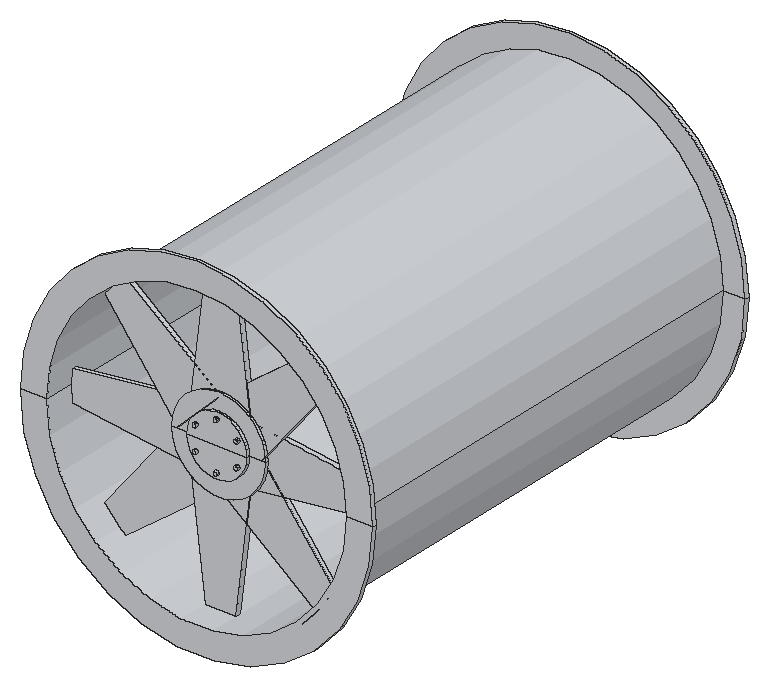
Revit family "CADS_Vent-Axia_MechEquip_Fan_BIFA_400_3Ph2P - SUPPLY", category Mechanical Equipment, Revit 2020
Family settings
  Round Connector Dimension = Use Diameter
  Part Type = Normal
  OmniClass Number = 23.75.00.00
  OmniClass Title = Climate Control (HVAC)
  Work Plane-Based = No
  Always vertical = Yes
  Cut with Voids When Loaded = No
  Shared = No
  Room Calculation Point = No
Parameters (values of type "BIFA403240")
  WorkingPressure = 0.0 Pa
  WarrantyStartDate [instance] = "1900-12-31T23:59:59"
  WarrantyPeriod = ""
  WarrantyIdentifier = "N/A"
  WarrantyGuarantorParts = "tech@vent-axia.com"
  WarrantyGuarantorLabor = "tech@vent-axia.com"
  WarrantyGuarantor = "Vent-Axia Limited"
  WarrantyEndDate [instance] = "1900-12-31T23:59:59"
  WarrantyContent = ""
  TemperatureRange = ""
  TagNumber [instance] = "N/A"
  SustainabilityPerformance = ""
  Status = "New"
  Size = ""
  Shape = ""
  ServiceLifeType = ""
  ServiceLifeDuration = ""
  SerialNumber [instance] = "N/A"
  ReplacementCost = ""
  RatedVoltage = 0 V
  RatedCurrent = 0 A
  Quantity = 1
  ProductionYear = ""
  PressureCurve = ""
  PowerFactor = ""
  PointOfContact = ""
  NumberOfPoles = 0
  NominalWidth = 400 mm
  NominalLength = 625 mm
  NominalHeight = 400 mm
  NominalFrequencyRange = ""
  NominalDiameter = 400 mm
  ModelReference = "BIF 400MM 3PH 2P 40DEG"
  ModelNumber = "BIFA403240"
  Material = ""
  ManufacturerE-Mail = "tech@vent-axia.com"
  ManufacturerAddress = "Fleming Way\nCrawley \nRH10 9YX"
  IsExtendedWarranty = no
  InsulationStandardClass = ""
  InstallationDate [instance] = "1900-12-31T23:59:59"
  IfcExportType [instance] = ""
  IfcExportAs = "IfcFanType"
  IP_Code = ""
  HasProtectiveEarth = no
  GrossWeight = 0.00 kg
  Grade = ""
  GlobalTradeItemNumber [instance] = "N/A"
  Fitting Type = "Ignore"
  Finish = ""
  Features = ""
  ExteriorInsulation = no
  ExpectedServiceLife = 0
  Exclusions = ""
  DurationUnit = "Year"
  Default Elevation = 0 mm
  Constituents = ""
  ConductorFunction = ""
  Color = ""
  CodePerformance = ""
  Category = ""
  CADS_Usage = 0
  CADS_Index = 0
  AssetType = "FIXED"
  AssetIdentifier [instance] = "N/A"
  AssemblyPlace = "UNKNOWN"
  ArticleNumber [instance] = "N/A"
  AirflowRateRange = 0.0 L/s
  Air Flow [instance] = 0.0 L/s
  AccessibilityPerformance = ""
Types (16, lengths in mm): name | ModelReference | ModelNumber
  BIFA403210 | "BIF 400MM 3PH 2P 10DEG" | "BIFA403210"
  BIFA403212 | "BIF 400MM 3PH 2P 12DEG" | "BIFA403212"
  BIFA403214 | "BIF 400MM 3PH 2P 14DEG" | "BIFA403214"
  BIFA403216 | "BIF 400MM 3PH 2P 16DEG" | "BIFA403216"
  BIFA403218 | "BIF 400MM 3PH 2P 18DEG" | "BIFA403218"
  BIFA403220 | "BIF 400MM 3PH 2P 20DEG" | "BIFA403220"
  BIFA403222 | "BIF 400MM 3PH 2P 22DEG" | "BIFA403222"
  BIFA403224 | "BIF 400MM 3PH 2P 24DEG" | "BIFA403224"
  BIFA403226 | "BIF 400MM 3PH 2P 26DEG" | "BIFA403226"
  BIFA403228 | "BIF 400MM 3PH 2P 28DEG" | "BIFA403228"
  BIFA403230 | "BIF 400MM 3PH 2P 30DEG" | "BIFA403230"
  BIFA403232 | "BIF 400MM 3PH 2P 32DEG" | "BIFA403232"
  BIFA403234 | "BIF 400MM 3PH 2P 34DEG" | "BIFA403234"
  BIFA403236 | "BIF 400MM 3PH 2P 36DEG" | "BIFA403236"
  BIFA403238 | "BIF 400MM 3PH 2P 38DEG" | "BIFA403238"
  BIFA403240 | "BIF 400MM 3PH 2P 40DEG" | "BIFA403240"
Reference planes
  plane 1 "Center (Front/Back)": y = 0
  plane 2: z = 0
  plane 3 "Center (Left/Right)": x = 0
  plane 4: x = -200
  plane 5: x = 200
  plane 6 "F": y = -312.5
  plane 7 "B": y = 312.5
  plane 8: x = -235
  plane 9: y = 307.5
  plane 10: y = -307.5
  plane 11: x = -205
  plane 12: y = -272.5
Forms (mm)
  Revolve 1, solid
    sketch origin (0, 0, 0) x (1, 0, 0) y (0, 1, 0)
      loop
        line (-235, -312.5) -> (-200, -312.5) -> (-200, 312.5) -> (-235, 312.5) -> (-235, 307.5) -> (-205, 307.5) -> (-205, -307.5) -> (-235, -307.5) -> (-235, -312.5)
      axis (0, 312.5) -> (0, -312.5)
    angle from 0 to 360
Dimensions and locks
  equal spacing: plane 4, plane 3 "Center (Left/Right)", plane 5
  equal spacing: plane 7 "B", plane 1 "Center (Front/Back)", plane 6 "F"
  "NominalLength": plane 7 "B" to plane 6 "F"
  "NominalDiameter": plane 4 to plane 5
  locked: plane 11 to plane 4 at 5
  locked: plane 8 to plane 11 at 30
  locked: plane 6 "F" to plane 10 at 5
  locked: plane 7 "B" to plane 9 at 5
  locked: plane 6 "F" to plane 12 at 40
  aligned and locked: level to plane 2
  aligned and locked: nested 1 to plane 12
Automatic sketch dimensions
  plane 6 "F" to Revolve 1 sketch curve = 0 mm
  Revolve 1 sketch curve to plane 8 = 0 mm  (x2)
  plane 10 to Revolve 1 sketch curve = 0 mm
  Revolve 1 sketch curve to plane 11 = 0 mm
  Revolve 1 sketch curve to plane 4 = 0 mm
  Revolve 1 sketch curve to plane 3 "Center (Left/Right)" = 0 mm
  plane 1 "Center (Front/Back)" to Revolve 1 sketch curve = 0 mm
  Revolve 1 sketch curve to plane 9 = 0 mm
  Revolve 1 sketch curve to plane 7 "B" = 0 mm
  plane 6 "F" to Revolve 1 sketch curve = 115 mm
Nested families
  nested 1: "Fan for BIFA" at (0, -272.5, 0), ND <- "NominalDiameter", type "Fan for BIFA"
    with hub 40 mm, ND 400 mm, BoltPCD 32 mm, Bolt Count 6, B_Diam 5 mm
  nested 2: "Bolts" at (27.713, -281.672, -16) x (-0.5, 0, -0.866) z (0, 1, 0), type "Bolts"
    with bd 5 mm
  nested 3: "Bolts" at (0, -281.672, -32) x (-1, 0, 0) z (0, 1, 0), type "Bolts"
    with bd 5 mm
  nested 4: "Bolts" at (-27.713, -281.672, -16) x (-0.5, 0, 0.866) z (0, 1, 0), type "Bolts"
    with bd 5 mm
  nested 5: "Bolts" at (-27.713, -281.672, 16) x (0.5, 0, 0.866) z (0, 1, 0), type "Bolts"
    with bd 5 mm
  nested 6: "Bolts" at (27.713, -281.672, 16) x (0.5, 0, -0.866) z (0, 1, 0), type "Bolts"
    with bd 5 mm
  nested 7: "Bolts" at (0, -281.672, 32) x (1, 0, 0) z (0, 1, 0), type "Bolts"
    with bd 5 mm
  nested 8: "BIFA Blade" at (0, -272.5, 0), type "BIFA Blade"
    with a 20.00°, HR 40 mm, HD 80 mm, BT 40 mm, BR 160 mm, BH 40 mm, BD 400 mm, BB 80 mm
  nested 9: "BIFA Blade" at (0, -272.5, 0) x (0.7071, 0, -0.7071) z (0.7071, 0, 0.7071), type "BIFA Blade"
    with a 20.00°, HR 40 mm, HD 80 mm, BT 40 mm, BR 160 mm, BH 40 mm, BD 400 mm, BB 80 mm
  nested 10: "BIFA Blade" at (0, -272.5, 0) x (0, 0, -1) z (1, 0, 0), type "BIFA Blade"
    with a 20.00°, HR 40 mm, HD 80 mm, BT 40 mm, BR 160 mm, BH 40 mm, BD 400 mm, BB 80 mm
  nested 11: "BIFA Blade" at (0, -272.5, 0) x (-0.7071, 0, -0.7071) z (0.7071, 0, -0.7071), type "BIFA Blade"
    with a 20.00°, HR 40 mm, HD 80 mm, BT 40 mm, BR 160 mm, BH 40 mm, BD 400 mm, BB 80 mm
  nested 12: "BIFA Blade" at (0, -272.5, 0) x (-1, 0, 0) z (0, 0, -1), type "BIFA Blade"
    with a 20.00°, HR 40 mm, HD 80 mm, BT 40 mm, BR 160 mm, BH 40 mm, BD 400 mm, BB 80 mm
  nested 13: "BIFA Blade" at (0, -272.5, 0) x (-0.7071, 0, -0.7071) z (-0.7071, 0, 0.7071), type "BIFA Blade"
    with a 20.00°, HR 40 mm, HD 80 mm, BT 40 mm, BR 160 mm, BH 40 mm, BD 400 mm, BB 80 mm
  nested 14: "BIFA Blade" at (0, -272.5, 0) x (0, 0, -1) z (-1, 0, 0), type "BIFA Blade"
    with a 20.00°, HR 40 mm, HD 80 mm, BT 40 mm, BR 160 mm, BH 40 mm, BD 400 mm, BB 80 mm
  nested 15: "BIFA Blade" at (0, -272.5, 0) x (0.7071, 0, -0.7071) z (-0.7071, 0, -0.7071), type "BIFA Blade"
    with a 20.00°, HR 40 mm, HD 80 mm, BT 40 mm, BR 160 mm, BH 40 mm, BD 400 mm, BB 80 mm
Connectors
  hvac at (0, -312.5, 0), driven by "NominalDiameter", driven by "Air Flow"
    settings: on Revolve 1, index 1, duct flow 0.0 L/s, flow factor 0, pres drop 0.0 Pa, loss coef 0, conn angle 0.00°, conn width 304.8 mm, conn height 304.8 mm, conn diameter 400 mm, duct sys type 1, conn prof type 0, flow config 1, flow direction 1, loss method 0, conn ref index -1, conn util no, is conn primary yes, conn desc ""
  hvac at (0, 312.5, 0), driven by "NominalDiameter", driven by "Air Flow"
    settings: on Revolve 1, index 2, duct flow 0.0 L/s, flow factor 0, pres drop 0.0 Pa, loss coef 0, conn angle 0.00°, conn width 304.8 mm, conn height 304.8 mm, conn diameter 400 mm, duct sys type 1, conn prof type 0, flow config 0, flow direction 2, loss method 0, conn ref index -1, conn util no, is conn primary no, conn desc ""
Definition of nested family "Fan for BIFA"
  Parameters (values of type "Fan for BIFA")
    hub [instance] = ND / 10  # 50 mm
    ND [instance] = 500 mm
    Model = "."
    Default Elevation = 0 mm
    BoltPCD [instance] = hub - (hub * 0.2)  # 40 mm
    Bolt Count [instance] = if(hub < 50 mm, 6, 8)  # 8
    B_Diam [instance] = if(hub < 50 mm, 5 mm, 10 mm)  # 10 mm
  Reference planes
    plane 1 "Center (Front/Back)": y = 0
    plane 2: z = 0
    plane 3 "Center (Left/Right)": x = 0
    plane 4 "back": y = 20
    plane 5 "bolts": y = -9.172
    plane 6 "B": z = 50
    plane 7: x = -72.587
    plane 8: x = -50
    plane 9 "hubface": y = -6.172
  Forms (mm)
    Revolve 1, solid
      sketch origin (0, 0, 0) x (1, 0, 0) y (0, 1, 0)
        loop
          line (0, 20) -> (-50, 20) -> (-50, 10.504) -> (-72.587, 10.504) -> (-72.587, -2.597) -> (-50, -2.597) -> (-50, -6.172) -> (0, -6.172) -> (0, 20)
        axis (0, 20) -> (0, -6.172)
      angle from 0 to 360
    Extrusion 2, solid, not visible
      sketch origin (0, -6.347, -4) x (-1, 0, 0) y (0, 0, 1)
        loop
          circle (0, 84) r 5
      from 0 to 3
  Lines and regions (mm)
    symbolic lines
      curve 1: circle (0, -9.172, 0) r 40 normal (0, 1, 0)
    model lines, not visible
      curve 2: line (0, -6.347, 85) -> (0, -6.347, 75)
  Dimensions and locks
    "hub": plane 6 "B" to plane 2
    "hub": nested 3 to plane 3 "Center (Left/Right)"
    "hub": nested 4 to plane 3 "Center (Left/Right)"
    "hub": nested 5 to plane 3 "Center (Left/Right)"
    "hub": plane 3 "Center (Left/Right)" to nested 6
    "hub": Revolve 1 sketch curve to Revolve 1 sketch curve
    "hub": plane 3 "Center (Left/Right)" to nested 7
    "hub": plane 3 "Center (Left/Right)" to nested 8
    "hub": plane 3 "Center (Left/Right)" to nested 9
    "hub": plane 8 to plane 3 "Center (Left/Right)"
    plane 7 to plane 8 = 22.587 mm
    diameter of Extrusion 2 sketch curve = 10 mm
    "BoltPCD": radius of curve 1
    "BoltPCD": radius of radial array
    aligned and locked: level to plane 2
    aligned and locked: plane 6 "B" to nested 1
  Automatic sketch dimensions
    Revolve 1 sketch curve to plane 7 = 0 mm
    Revolve 1 sketch curve to plane 8 = 0 mm  (x2)
    Revolve 1 sketch curve to plane 3 "Center (Left/Right)" = 0 mm
    Revolve 1 sketch curve to plane 9 "hubface" = 0 mm
    plane 4 "back" to Revolve 1 sketch curve = 0 mm
    plane 1 "Center (Front/Back)" to Revolve 1 sketch curve = 2.597 mm
    plane 4 "back" to Revolve 1 sketch curve = 9.496 mm
    plane 4 "back" to Revolve 1 sketch curve = 5 mm
    Revolve 1 sketch curve to Revolve 1 sketch curve = 45 mm
    curve 1 to level = 0 mm
    curve 1 to plane 3 "Center (Left/Right)" = 0 mm
  Nested families
    nested 1: "BIFA Blade" at (0, 0, 25), BD <- "ND", HD <- "hub", type "BIFA Blade"
      with a 20.00°, HR 25 mm, HD 50 mm, BT 25 mm, BR 100 mm, BH 40 mm, BD 250 mm, BB 50 mm
    nested 2: "BIFA Blade" at (0, 0, 55), BD <- "ND", HD <- "hub", type "BIFA Blade", not visible
      with a 20.00°, HR 25 mm, HD 50 mm, BT 25 mm, BR 100 mm, BH 40 mm, BD 250 mm, BB 50 mm
    nested 3: "BIFA Blade" at (17.678, 0, 17.678) x (0.7071, 0, -0.7071) z (0.7071, 0, 0.7071), BD <- "ND", HD <- "hub", type "BIFA Blade"
      with a 20.00°, HR 25 mm, HD 50 mm, BT 25 mm, BR 100 mm, BH 40 mm, BD 250 mm, BB 50 mm
    nested 4: "BIFA Blade" at (25, 0, 0) x (0, 0, -1) z (1, 0, 0), BD <- "ND", HD <- "hub", type "BIFA Blade"
      with a 20.00°, HR 25 mm, HD 50 mm, BT 25 mm, BR 100 mm, BH 40 mm, BD 250 mm, BB 50 mm
    nested 5: "BIFA Blade" at (17.678, 0, -17.678) x (-0.7071, 0, -0.7071) z (0.7071, 0, -0.7071), BD <- "ND", HD <- "hub", type "BIFA Blade"
      with a 20.00°, HR 25 mm, HD 50 mm, BT 25 mm, BR 100 mm, BH 40 mm, BD 250 mm, BB 50 mm
    nested 6: "BIFA Blade" at (0, 0, -25) x (-1, 0, 0) z (0, 0, -1), BD <- "ND", HD <- "hub", type "BIFA Blade"
      with a 20.00°, HR 25 mm, HD 50 mm, BT 25 mm, BR 100 mm, BH 40 mm, BD 250 mm, BB 50 mm
    nested 7: "BIFA Blade" at (-17.678, 0, 17.678) x (-0.7071, 0, -0.7071) z (-0.7071, 0, 0.7071), BD <- "ND", HD <- "hub", type "BIFA Blade"
      with a 20.00°, HR 25 mm, HD 50 mm, BT 25 mm, BR 100 mm, BH 40 mm, BD 250 mm, BB 50 mm
    nested 8: "BIFA Blade" at (-25, 0, 0) x (0, 0, -1) z (-1, 0, 0), BD <- "ND", HD <- "hub", type "BIFA Blade"
      with a 20.00°, HR 25 mm, HD 50 mm, BT 25 mm, BR 100 mm, BH 40 mm, BD 250 mm, BB 50 mm
    nested 9: "BIFA Blade" at (-17.678, 0, -17.678) x (0.7071, 0, -0.7071) z (-0.7071, 0, -0.7071), BD <- "ND", HD <- "hub", type "BIFA Blade"
      with a 20.00°, HR 25 mm, HD 50 mm, BT 25 mm, BR 100 mm, BH 40 mm, BD 250 mm, BB 50 mm
    nested 10: "Bolts" at (0, -9.172, 40) x (1, 0, 0) z (0, 1, 0), bd <- "B_Diam", type "Bolts"
      with bd 10 mm
    nested 11: "Bolts" at (28.284, -9.172, 28.284) x (0.7071, 0, -0.7071) z (0, 1, 0), bd <- "B_Diam", type "Bolts"
      with bd 10 mm
    nested 12: "Bolts" at (-28.284, -9.172, 28.284) x (0.7071, 0, 0.7071) z (0, 1, 0), bd <- "B_Diam", type "Bolts"
      with bd 10 mm
    nested 13: "Bolts" at (-40, -9.172, 0) x (0, 0, 1) z (0, 1, 0), bd <- "B_Diam", type "Bolts"
      with bd 10 mm
    nested 14: "Bolts" at (-28.284, -9.172, -28.284) x (-0.7071, 0, 0.7071) z (0, 1, 0), bd <- "B_Diam", type "Bolts"
      with bd 10 mm
    nested 15: "Bolts" at (0, -9.172, -40) x (-1, 0, 0) z (0, 1, 0), bd <- "B_Diam", type "Bolts"
      with bd 10 mm
    nested 16: "Bolts" at (28.284, -9.172, -28.284) x (-0.7071, 0, -0.7071) z (0, 1, 0), bd <- "B_Diam", type "Bolts"
      with bd 10 mm
    nested 17: "Bolts" at (40, -9.172, 0) x (0, 0, -1) z (0, 1, 0), bd <- "B_Diam", type "Bolts"
      with bd 10 mm
  Definition of nested family "BIFA Blade"
    Parameters (values of type "BIFA Blade")
      a [instance] = 20.00°
      HR [instance] = HD / 2  # 30 mm
      HD [instance] = BD / 5  # 60 mm
      Default Elevation = 1219.2 mm
      BT [instance] = BD / 10  # 30 mm
      BR [instance] = (BD / 2) - HR  # 120 mm
      BH [instance] = 40 mm
      BD [instance] = 300 mm
      BB [instance] = BD / 5  # 60 mm
    Reference planes
      plane 1 "Center (Front/Back)": y = 0
      plane 2: z = 0
      plane 3 "Center (Left/Right)": x = 0
      plane 4 "Blade Bot": z = 30
      plane 5: x = -30
      plane 6: x = 30
      plane 7: x = -15
      plane 8: x = 15
    Forms (mm)
      Blend 1, solid
        base sketch origin (0, 0, 30) x (-1, 0, 0) y (0, -1, 0)
          loop
            line (30, 0) -> (-30, 0) -> (-30, -6) -> (30, -6) -> (30, 0)
        top sketch origin (0, 0, 30) x (-1, 0, 0) y (0, -1, 0)
          loop
            line (15, -6) -> (15, 0) -> (-15, 0) -> (-15, -6) -> (15, -6)
        from 0 to 120 <- "BR"
    Dimensions and locks
      "HR": plane 4 "Blade Bot" to level
      equal spacing: plane 8, plane 3 "Center (Left/Right)", plane 7
      "BT": plane 8 to plane 7
      equal spacing: plane 6, plane 3 "Center (Left/Right)", plane 5
      "BB": plane 6 to plane 5
      aligned and locked: level to plane 2
    Automatic sketch dimensions
      plane 1 "Center (Front/Back)" to Blend 1 sketch curve = 0 mm  (x2)
      Blend 1 sketch curve to plane 6 = 0 mm
      Blend 1 sketch curve to plane 5 = 0 mm
      Blend 1 sketch curve to plane 1 "Center (Front/Back)" = 6 mm  (x2)
      Blend 1 sketch curve to plane 8 = 0 mm
      Blend 1 sketch curve to plane 7 = 0 mm
  Definition of nested family "Bolts"
    Parameters
      bd [instance] = 10 mm
      Default Elevation = 1219.2 mm
    Reference planes
      plane 1 "Center (Front/Back)": y = 0
      plane 2: z = 0
      plane 3 "Center (Left/Right)": x = 0
    Forms (mm)
      Extrusion 1, solid
        sketch origin (0, 0, 0) x (1, 0, 0) y (0, 1, 0)
          loop
            line (-1219.2, 1219.2) -> (-1219.2, -1219.2) -> (1219.2, -1219.2) -> (1219.2, 1219.2) -> (-1219.2, 1219.2)
        from 0 to -304.8
      Extrusion 2, solid
        sketch origin (0, 0, 0) x (1, 0, 0) y (0, 1, 0)
          loop
            circle (0, 0) r 5
        from 0 to 3
    Dimensions and locks
      "bd": diameter of Extrusion 2 sketch curve
      aligned and locked: plane 2 to Extrusion 1
      aligned and locked: level to Extrusion 1
    Automatic sketch dimensions
      Extrusion 1 sketch curve to Extrusion 1 sketch curve = 2438.4 mm  (x2)
      plane 1 "Center (Front/Back)" to Extrusion 2 sketch curve = 0 mm
      Extrusion 2 sketch curve to plane 3 "Center (Left/Right)" = 0 mm
Definition of nested family "Bolts"
  Parameters
    bd [instance] = 10 mm
    Default Elevation = 1219.2 mm
  Reference planes
    plane 1 "Center (Front/Back)": y = 0
    plane 2: z = 0
    plane 3 "Center (Left/Right)": x = 0
  Forms (mm)
    Extrusion 1, solid
      sketch origin (0, 0, 0) x (1, 0, 0) y (0, 1, 0)
        loop
          line (-1219.2, 1219.2) -> (-1219.2, -1219.2) -> (1219.2, -1219.2) -> (1219.2, 1219.2) -> (-1219.2, 1219.2)
      from 0 to -304.8
    Extrusion 2, solid
      sketch origin (0, 0, 0) x (1, 0, 0) y (0, 1, 0)
        loop
          circle (0, 0) r 5
      from 0 to 3
  Dimensions and locks
    "bd": diameter of Extrusion 2 sketch curve
    aligned and locked: plane 2 to Extrusion 1
    aligned and locked: level to Extrusion 1
  Automatic sketch dimensions
    Extrusion 1 sketch curve to Extrusion 1 sketch curve = 2438.4 mm  (x2)
    plane 1 "Center (Front/Back)" to Extrusion 2 sketch curve = 0 mm
    Extrusion 2 sketch curve to plane 3 "Center (Left/Right)" = 0 mm
Definition of nested family "BIFA Blade"
  Parameters (values of type "BIFA Blade")
    a [instance] = 20.00°
    HR [instance] = HD / 2  # 30 mm
    HD [instance] = BD / 5  # 60 mm
    Default Elevation = 1219.2 mm
    BT [instance] = BD / 10  # 30 mm
    BR [instance] = (BD / 2) - HR  # 120 mm
    BH [instance] = 40 mm
    BD [instance] = 300 mm
    BB [instance] = BD / 5  # 60 mm
  Reference planes
    plane 1 "Center (Front/Back)": y = 0
    plane 2: z = 0
    plane 3 "Center (Left/Right)": x = 0
    plane 4 "Blade Bot": z = 30
    plane 5: x = -30
    plane 6: x = 30
    plane 7: x = -15
    plane 8: x = 15
  Forms (mm)
    Blend 1, solid
      base sketch origin (0, 0, 30) x (-1, 0, 0) y (0, -1, 0)
        loop
          line (30, 0) -> (-30, 0) -> (-30, -6) -> (30, -6) -> (30, 0)
      top sketch origin (0, 0, 30) x (-1, 0, 0) y (0, -1, 0)
        loop
          line (15, -6) -> (15, 0) -> (-15, 0) -> (-15, -6) -> (15, -6)
      from 0 to 120 <- "BR"
  Dimensions and locks
    "HR": plane 4 "Blade Bot" to level
    equal spacing: plane 8, plane 3 "Center (Left/Right)", plane 7
    "BT": plane 8 to plane 7
    equal spacing: plane 6, plane 3 "Center (Left/Right)", plane 5
    "BB": plane 6 to plane 5
    aligned and locked: level to plane 2
  Automatic sketch dimensions
    plane 1 "Center (Front/Back)" to Blend 1 sketch curve = 0 mm  (x2)
    Blend 1 sketch curve to plane 6 = 0 mm
    Blend 1 sketch curve to plane 5 = 0 mm
    Blend 1 sketch curve to plane 1 "Center (Front/Back)" = 6 mm  (x2)
    Blend 1 sketch curve to plane 8 = 0 mm
    Blend 1 sketch curve to plane 7 = 0 mm
